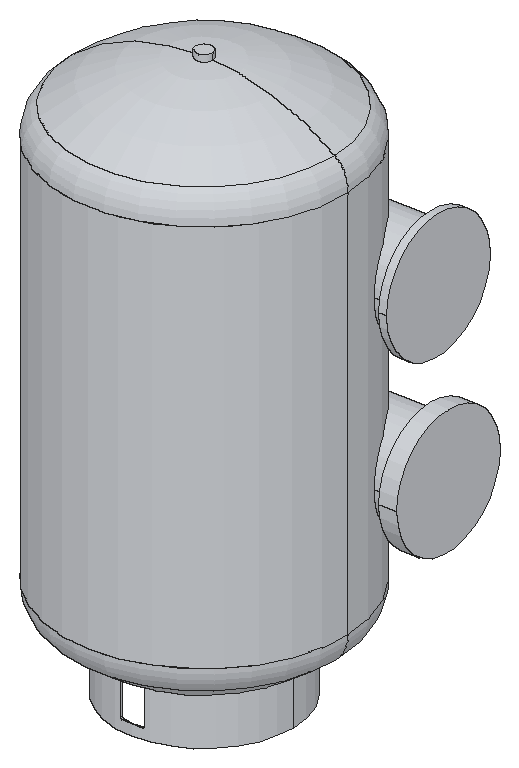
Revit family
Parameters (values of type "24-AS 125# W.P.")
  Weight = "8000 lbs"
  Top to Inlet = 46.500"
  Top Connection Radius = 1.500"
  Top Connection Diameter = Top Connection Radius * 2  # 3.000"
  Tank Height = 144.000"
  Tangential = yes
  Tank Height Less Stand = 136.000"
  Tank Diameter = 72.000"
  Pipe Location off CL = 22.000"
  Outlet Pipe Flange Conn. Radius = Outlet Pipe Flange Conn / 2  # 12.000"
  Outlet Pipe Flange Conn = 24.000"
  Model = "24\"-AS"
  Pressure Drop = ".58"
  Max Operating Temp = "350 DEG F"
  Max Operating Pressure = "125 PSI"
  Manufacturer = "Amtrol"
  Inlet CL to Outlet CL = 43.000"
  Inlet Pipe Flange Conn = 24.000"
  Inlet Pipe Flange Conn. Radius = Inlet Pipe Flange Conn / 2  # 12.000"
  Flow (GPM) = "7625"
  Flange to Flange Height = 82.000"
  CL to Outlet Flange = 41.000"
  Bottom Connection Radius = Bottom Connection Diameter / 2  # 1.500"
  Bottom Connection Diameter = 3.000"
  ASME = yes
Types (3): name | Max Operating Pressure
  (no name) | "125 PSI"
  24-AS 125# W.P. | "125 PSI"
  24-AS 150# W.P. 10 BAR | "150 PSI"
Reference planes (in)
  plane 1 "Center (Front/Back)": y = 0
  plane 2: z = 0
  plane 3 "Center (Left/Right)": x = -1.2315
Forms (in)
  Revolve 1, solid
    sketch origin (0, 0, 0) x (1, 0, 0) y (0, 0, 1)
      loop
        arc (34.7685, 118) -> (33.98292, 121.98728) -> (31.43605, 125.15413) r 8.5
        arc (31.43605, 125.15413) -> (16.00954, 133.30974) -> (-1.2315, 136) r 52.875
        line (-1.2315, 136) -> (-1.2315, 0)
        arc (-1.2315, 0) -> (16.30432, 3.34365) -> (31.72802, 12.33224) r 52.875
        arc (31.72802, 12.33224) -> (34.00373, 15.32163) -> (34.7685, 19) r 8.5
        line (34.7685, 19) -> (34.7685, 118)
      axis (-1.2315, 0) -> (-1.2315, 136)
    angle from 0 to 360
  Extrusion 2, solid
    sketch origin (0, 0, 4.33383) x (0, 1, 0) y (0, 0, 1)
      loop
        circle (22, 85.16617) r 12
    from 4.49288 to 37.7685
  Extrusion 3, solid
    sketch origin (1.78583, 0, 18.02222) x (0, 1, 0) y (0, 0, 1)
      loop
        circle (22, 28.47778) r 12
    from -41.89233 to 35.98267
  Extrusion 4, solid
    sketch origin (6.54208, 0, 8.25512) x (0, 1, 0) y (0, 0, 1)
      loop
        circle (22, 81.24488) r 16
    from 31.22642 to 33.22642
  Extrusion 5, solid
    sketch origin (0, 0, 0.63219) x (0, 1, 0) y (0, 0, 1)
      loop
        circle (22, 45.86781) r 16
    from -40.1065 to -42.2315
  Sweep 6, solid
    path origin (0.0083, 0, 42.63637) x (1, 0, 0) y (0, 0, 1)
      loop
        line (-1.2315, 93.36363) -> (-1.2315, 94.86363)
    profile origin (-1.2232, 0, 136.75) x (-1, 0, 0) y (0, -1, 0)
      loop
        circle (0, 0) r 2.125
  Sweep 7, solid
    path origin (0, 0, 0.47237) x (1, 0, 0) y (0, 0, 1)
      loop
        line (-1.2315, -1.75069) -> (-1.2315, -0.47237)
    profile origin (-1.2315, 0, -0.63916) x (-1, 0, 0) y (0, -1, 0)
      loop
        circle (0, 0) r 2.125
  Extrusion 8, solid
    sketch origin (-5, 0, 0) x (0, 1, 0) y (0, 0, 1)
      loop
        circle (22, 46.5) r 16
    from 42.7685 to 47.299
  Extrusion 9, solid
    sketch origin (0, 0, 0.2359) x (1, 0, 0) y (0, 1, 0)
      loop
        circle (-1.2315, 0) r 22.5
      loop
        circle (-1.2315, 0) r 22.25
    from 6.90601 to -6.7359
  Extrusion 10, void
    sketch origin (0, 0, 0) x (1, 0, 0) y (0, 0, 1)
      loop
        line (-4.2315, 7.14191) -> (-4.2315, -3.2464)
        arc (-4.2315, -3.2464) -> (-4.08505, -3.59996) -> (-3.7315, -3.7464) r 0.5
        line (-3.7315, -3.7464) -> (1.2685, -3.7464)
        arc (1.2685, -3.7464) -> (1.62205, -3.59996) -> (1.7685, -3.2464) r 0.5
        line (1.7685, -3.2464) -> (1.7685, 7.14191) -> (-4.2315, 7.14191)
    from 4.41095 to 33.97425
Cuts and joins
  Extrusion 10 cuts Sweep 7
  Extrusion 10 cuts Extrusion 9
Text (in)
  text "INLET" at (47.59802, 0, 98.03318), in view "Front"
  text "OUTLET" at (-56.09859, 0, 41.91926), in view "Front"
  text "STRAINER\n\nACCESS" at (51.27492, 0, 44.5153), in view "Front"
Dimensions and locks (in)
  "Pipe Location off CL": plane 1 "Center (Front/Back)" to Extrusion 2 sketch curve
  "Pipe Location off CL": plane 1 "Center (Front/Back)" to Extrusion 3 sketch curve
  "Pipe Location off CL": Extrusion 5 sketch curve to plane 1 "Center (Front/Back)"
  "Pipe Location off CL": Extrusion 4 sketch curve to plane 1 "Center (Front/Back)"
  "CL to Outlet Flange": Extrusion 5 to plane 3 "Center (Left/Right)"
  "Top to Inlet": Sweep 6 to Extrusion 4 sketch curve
  "Top to Inlet": Sweep 6 to Extrusion 2 sketch curve
  locked: Sweep 6 to Extrusion 5 sketch curve at 89.5
  locked: Sweep 6 to Extrusion 8 sketch curve at 89.5
  locked: Sweep 6 to Extrusion 3 sketch curve at 89.5
  "Pipe Location off CL": plane 1 "Center (Front/Back)" to Extrusion 8 sketch curve
  locked: Revolve 1 sketch curve to level at 0
  "Tank Height Less Stand": Revolve 1 sketch curve to Revolve 1 sketch curve
  "Tank Height Less Stand": Sweep 6 sketch curve to level
  "Tank Height Less Stand": Sweep 6 to Sweep 7 sketch curve
  radius of Revolve 1 sketch curve = 52.875"  (x2)
  radius of Revolve 1 sketch curve = 8.500"  (x2)
  aligned: Extrusion 2 to Extrusion 4
  aligned and locked: Extrusion 3 to Extrusion 5
  aligned: Extrusion 3 to Extrusion 2
  aligned: Extrusion 2 to Extrusion 8
  aligned and locked: Extrusion 9 to Extrusion 10
  aligned: Extrusion 8 to Extrusion 3
  aligned: Extrusion 4 to Extrusion 8
  aligned and locked: plane 3 "Center (Left/Right)" to Sweep 7 sketch curve
  aligned and locked: Extrusion 2 to Extrusion 8
Automatic sketch dimensions
  plane 1 "Center (Front/Back)" to Sweep 6 sketch curve = 0.000"
  Sweep 6 sketch curve to profile plane = 0.000"
  plane 1 "Center (Front/Back)" to Sweep 7 sketch curve = 0.000"
  Sweep 7 sketch curve to profile plane = 0.000"
  Extrusion 9 sketch curve to Extrusion 9 sketch curve = 0.000"  (x2)
  plane 1 "Center (Front/Back)" to Extrusion 9 sketch curve = 0.000"
  Extrusion 9 sketch curve to plane 3 "Center (Left/Right)" = 0.000"
  Extrusion 10 sketch curve to plane 3 "Center (Left/Right)" = 3.000"
  Extrusion 10 sketch curve to Extrusion 10 sketch curve = 0.500"  (x2)
  Extrusion 10 sketch curve to level = 3.2464"
  plane 3 "Center (Left/Right)" to Extrusion 10 sketch curve = 2.500"
  level to Extrusion 10 sketch curve = 7.14191"
  Sweep 7 sketch curve to level = 1.27832"
  Revolve 1 sketch curve to plane 3 "Center (Left/Right)" = 0.000"  (x2)
  Revolve 1 sketch curve to level = 0.000"
  Revolve 1 sketch curve to plane 3 "Center (Left/Right)" = 0.99349"
  plane 3 "Center (Left/Right)" to Revolve 1 sketch curve = 0.5804"
  plane 3 "Center (Left/Right)" to Revolve 1 sketch curve = 27.50135"
  plane 3 "Center (Left/Right)" to Revolve 1 sketch curve = 27.50933"
  Revolve 1 sketch curve to Revolve 1 sketch curve = 5.15822"
  Revolve 1 sketch curve to Revolve 1 sketch curve = 5.45817"
  Revolve 1 sketch curve to Revolve 1 sketch curve = 3.04048"
  Revolve 1 sketch curve to Revolve 1 sketch curve = 7.32582"
  plane 3 "Center (Left/Right)" to Sweep 6 sketch curve = 0.0083"
  Sweep 6 sketch curve to Sweep 6 sketch curve = 1.500"
  radius of Extrusion 2 sketch curve = 12.000"
  radius of Extrusion 3 sketch curve = 12.000"
  radius of Extrusion 4 sketch curve = 16.000"
  radius of Extrusion 5 sketch curve = 16.000"
  radius of Sweep 6 sketch curve = 2.125"
  radius of Sweep 7 sketch curve = 2.125"
  radius of Extrusion 8 sketch curve = 16.000"
  radius of Extrusion 9 sketch curve = 22.500"
  radius of Extrusion 9 sketch curve = 22.250"
Connectors (in)
  piping at (-1.2232, 0, 137.5), driven by "Top Connection Radius"
    settings: on Sweep 6, index 3
  piping at (-42.2315, 22, 46.5), driven by "Outlet Pipe Flange Conn. Radius"
    settings: on Extrusion 5, index 4
  piping at (-1.2315, 0, -1.27832), driven by "Bottom Connection Radius"
    settings: on Sweep 7, index 5
  piping at (39.7685, 22, 89.5), driven by "Inlet Pipe Flange Conn. Radius"
    settings: on Extrusion 4, index 6
